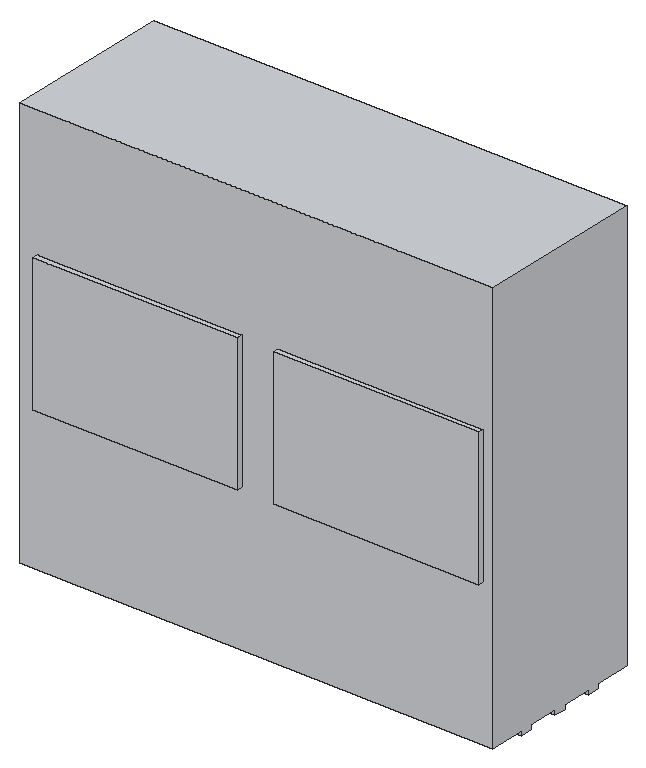
Revit family "M_WSHP - Vertical - 46-70 kW - Retorno frontal - Descarga traseira", category Equipamento mecânico, Revit 2019
Family settings
  Cota do conector redondo = Usar raio
  Tipo de parte = Normal
  Número OmniClass = 23.75.10.21.17
  Título OmniClass = Water-Source Heat Pumps
  ID de item do Seek = WSHP - Vertical - 46-70 kW - Front Return - Rear Discharge-0000-CAN-ENU
  Com base no plano de trabalho = Não
  Sempre na vertical = Sim
  Corte com vazios quando carregada = Não
  Compartilhado = Não
  Ponto de cálculo do ambiente = Não
Parameters (values of type "46 kW")
  Raio do fornecimento de água = 20 mm
  Diâmetro do fornecimento de água = Raio do fornecimento de água * 2  # 40 mm
  Raio do retorno da água = 20 mm
  Diâmetro do retorno da água = Raio do retorno da água * 2  # 40 mm
  Queda de pressão da água [instance] = 64810.7 Pa
  Fluxo da água [instance] = 2.33 L/s
  Voltagem = 460 V
  Largura do ar de fornecimento = 375 mm
  Altura do ar de fornecimento = 400 mm
  Largura do ar de retorno = 900 mm
  Altura do ar de retorno = 600 mm
  Largura da bomba = 736.6 mm
  Material da bomba = none
  Comprimento da bomba = 2082.8 mm
  Altura da bomba = 1816.1 mm
  Número de pólos = 3
  Classificação de carga = Refrigeração
  Fluxo da drenagem [instance] = 0.0 L/s
  Distância 1 = 350.5 mm
  Raio da condensação = 15 mm
  Diâmetro da condensação = Raio da condensação * 2  # 30 mm
  C8 Deslocamento 2 = 53.4 mm
  C8 Deslocamento 1 = 25.4 mm
  C6 Deslocamento 2 = 574.1 mm
  C6 Deslocamento 1 = 78.8 mm
  C4 Deslocamento 1 = 492.7 mm
  C3 Deslocamento 1 = 368.3 mm
  C2 Deslocamento 1 = 101.6 mm
  C1 Deslocamento 2 = 520.7 mm
  C1 Deslocamento 1 = 187.9 mm
  Carga aparente = 11132 VA
  Pressão estática externa [instance] = 248.84 Pa
  Fluxo de ar 1 [instance] = Fluxo de ar / 2  # 1227.07 L/s
  Fluxo de ar [instance] = 2454.13 L/s
Types (4, lengths in mm): name | Queda de pressão da água | Fluxo da água | Largura do ar de fornecimento | Distância 1 | C4 Deslocamento 1 | Carga aparente | Pressão estática externa | Fluxo de ar 1 | Fluxo de ar
  (no name) | 64810.7 Pa | 2.33 L/s | 375 | 350.5 | 492.7 | 11132 VA | 248.84 Pa | 1227.07 L/s | 2454.13 L/s
  46 kW | 64810.7 Pa | 2.33 L/s | 375 | 350.5 | 492.7 | 11132 VA | 248.84 Pa | 1227.07 L/s | 2454.13 L/s
  60 kW | 76531.8 Pa | 3.03 L/s | 475 | 566.4 | 147.3 | 17296 VA | 373.26 Pa | 1651.82 L/s | 3303.63 L/s
  70 kW | 100663.4 Pa | 3.79 L/s | 475 | 566.4 | 147.3 | 18768 VA | 373.26 Pa | 1982.18 L/s | 3964.36 L/s
Reference planes
  plane 1 "Centro (Frente/Trás)": y = 0
  plane 2: z = 0
  plane 3 "Centro (Esquerda/Direita)": x = 0
  plane 4: x = 2082.8
  plane 5: y = 736.6
  plane 6: z = 1835.15
  plane 7: z = 19.05
  plane 8: y = 368.3
  plane 9: y = 393.7
  plane 10: y = 342.9
  plane 11: y = 552.45
  plane 12: y = 184.15
  plane 13: y = 577.85
  plane 14: y = 527.05
  plane 15: y = 209.55
  plane 16: y = 158.75
  plane 17: z = 539.75
  plane 18: y = 101.6
  plane 19: y = 187.9
  plane 20: y = 368.3
  plane 21: x = -25.4
  plane 22: z = 53.4
  plane 23: x = 2057.4
  plane 24: y = -25.4
  plane 25: x = 78.8
  plane 26: z = 1261.05
  plane 27: x = 978.8
  plane 28: x = 1138.82
  plane 29: x = 2038.82
  plane 30: z = 661.05
  plane 31: x = 1593.2
  plane 32: x = 1218.2
  plane 33: x = 867.7
  plane 34: x = 492.7
  plane 35: z = 1790.7
  plane 36: z = 1390.7
  plane 37: y = 762
  plane 38: y = 25.4
Forms (mm)
  Extrusion 1, solid, material <- "Material da bomba"
    sketch origin (0, 0, 0) x (1, 0, 0) y (0, 1, 0)
      loop
        line (0, 736.6) -> (0, 0) -> (2082.8, 0) -> (2082.8, 736.6) -> (0, 736.6)
    from 19.05 to 1835.15
  Extrusion 2, solid, material <- "Material da bomba"
    sketch origin (0, 0, 0) x (0, 1, 0) y (0, 0, 1)
      loop
        line (393.7, 19.05) -> (342.9, 19.05) -> (342.9, 0) -> (393.7, 0) -> (393.7, 19.05)
    from 0 to 2082.8
  Extrusion 3, solid, material <- "Material da bomba"
    sketch origin (0, 0, 0) x (0, 1, 0) y (0, 0, 1)
      loop
        line (577.85, 19.05) -> (527.05, 19.05) -> (527.05, 0) -> (577.85, 0) -> (577.85, 19.05)
    from 0 to 2082.8
  Extrusion 4, solid, material <- "Material da bomba"
    sketch origin (0, 0, 0) x (0, 1, 0) y (0, 0, 1)
      loop
        line (209.55, 19.05) -> (158.75, 19.05) -> (158.75, 0) -> (209.55, 0) -> (209.55, 19.05)
    from 0 to 2082.8
  Extrusion 5, solid, material <- "Material da bomba"
    sketch origin (0, 0, 0) x (0, 1, 0) y (0, 0, 1)
      loop
        circle (101.6, 539.75) r 20
    from 0 to -25.4
  Extrusion 6, solid, material <- "Material da bomba"
    sketch origin (0, 0, 0) x (0, 1, 0) y (0, 0, 1)
      loop
        circle (187.9, 539.75) r 20
    from 0 to -25.4
  Extrusion 7, solid, material <- "Material da bomba"
    sketch origin (0, 0, 0) x (0, 1, 0) y (0, 0, 1)
      loop
        circle (368.3, 539.75) r 15
    from 0 to -25.4
  Extrusion 8, solid, material <- "Material da bomba"
    sketch origin (0, 0, 0) x (1, 0, 0) y (0, 0, 1)
      loop
        circle (2057.4, 53.4) r 12.7
    from -25.4 to 0
  Extrusion 9, solid, material <- "Material da bomba"
    sketch origin (0, 0, 0) x (1, 0, 0) y (0, 0, 1)
      loop
        line (78.8, 1261.05) -> (78.8, 661.05) -> (978.8, 661.05) -> (978.8, 1261.05) -> (78.8, 1261.05)
      loop
        line (1138.82, 1261.05) -> (1138.82, 661.05) -> (2038.82, 661.05) -> (2038.82, 1261.05) -> (1138.82, 1261.05)
    from 0 to 25.4
  Extrusion 10, solid, material <- "Material da bomba"
    sketch origin (0, 0, 0) x (1, 0, 0) y (0, 0, 1)
      loop
        line (492.7, 1790.7) -> (492.7, 1390.7) -> (867.7, 1390.7) -> (867.7, 1790.7) -> (492.7, 1790.7)
    from -736.6 to -762
  Extrusion 11, solid, material <- "Material da bomba"
    sketch origin (0, 0, 0) x (1, 0, 0) y (0, 0, 1)
      loop
        line (1218.2, 1790.7) -> (1218.2, 1390.7) -> (1593.2, 1390.7) -> (1593.2, 1790.7) -> (1218.2, 1790.7)
    from -736.6 to -762
Cuts and joins
  joined: Extrusion 1, Extrusion 2, Extrusion 3, Extrusion 4, Extrusion 5, Extrusion 6, Extrusion 7, Extrusion 8, Extrusion 9, Extrusion 10, Extrusion 11
Dimensions and locks
  "Comprimento da bomba": plane 3 "Centro (Esquerda/Direita)" to plane 4
  "Largura da bomba": plane 5 to plane 1 "Centro (Frente/Trás)"
  locked: plane 7 to plane 2 at 19.05
  "Altura da bomba": plane 6 to plane 7
  equal spacing: plane 5, plane 8, plane 1 "Centro (Frente/Trás)"
  plane 9 to plane 8 to plane 10 = 25.4 mm locked, 25.4 mm locked
  equal spacing: plane 5, plane 11, plane 8
  equal spacing: plane 8, plane 12, plane 1 "Centro (Frente/Trás)"
  plane 13 to plane 11 to plane 14 = 25.4 mm locked, 25.4 mm locked
  plane 15 to plane 12 to plane 16 = 25.4 mm locked, 25.4 mm locked
  plane 17 to plane 7 = 520.7 mm
  "C2 Deslocamento 1": plane 18 to plane 1 "Centro (Frente/Trás)"
  "C1 Deslocamento 1": plane 19 to plane 1 "Centro (Frente/Trás)"
  "C3 Deslocamento 1": plane 20 to plane 1 "Centro (Frente/Trás)"
  plane 21 to plane 3 "Centro (Esquerda/Direita)" = 25.4 mm
  "C8 Deslocamento 2": plane 22 to plane 2
  "C8 Deslocamento 1": plane 4 to plane 23
  locked: plane 24 to plane 1 "Centro (Frente/Trás)" at 25.4
  locked: plane 27 to plane 28 at 160.02
  "C6 Deslocamento 1": plane 25 to plane 3 "Centro (Esquerda/Direita)"
  "Largura do ar de retorno": plane 25 to plane 27
  "Largura do ar de retorno": plane 28 to plane 29
  "C6 Deslocamento 2": plane 6 to plane 26
  "Altura do ar de retorno": plane 26 to plane 30
  "C4 Deslocamento 1": plane 3 "Centro (Esquerda/Direita)" to plane 34
  "Largura do ar de fornecimento": plane 34 to plane 33
  "Distância 1": plane 33 to plane 32
  "Largura do ar de fornecimento": plane 32 to plane 31
  locked: plane 6 to plane 35 at 44.45
  "Altura do ar de fornecimento": plane 35 to plane 36
  locked: plane 37 to plane 5 at 25.4
  locked: plane 38 to plane 1 "Centro (Frente/Trás)" at 25.4
  "Raio do retorno da água": radius of Extrusion 5 sketch curve
  "Raio do fornecimento de água": radius of Extrusion 6 sketch curve
  "Raio da condensação": radius of Extrusion 7 sketch curve
  radius of Extrusion 8 sketch curve = 12.7 mm
  aligned and locked: Extrusion 1 to plane 3 "Centro (Esquerda/Direita)"
  aligned and locked: Extrusion 1 to plane 5
  aligned and locked: plane 4 to Extrusion 1
  aligned and locked: plane 1 "Centro (Frente/Trás)" to Extrusion 1
  aligned and locked: Extrusion 1 to plane 6
  aligned and locked: Extrusion 1 to plane 7
  aligned and locked: Extrusion 2 to plane 9
  aligned and locked: plane 10 to Extrusion 2
  aligned and locked: plane 7 to Extrusion 2
  aligned and locked: Extrusion 2 to plane 2
  aligned and locked: Extrusion 3 to plane 13
  aligned and locked: plane 14 to Extrusion 3
  aligned and locked: plane 7 to Extrusion 3
  aligned and locked: Extrusion 3 to plane 2
  aligned and locked: Extrusion 4 to plane 15
  aligned and locked: plane 16 to Extrusion 4
  aligned and locked: plane 7 to Extrusion 4
  aligned and locked: Extrusion 4 to plane 2
  aligned and locked: Extrusion 3 to plane 3 "Centro (Esquerda/Direita)"
  aligned and locked: Extrusion 2 to plane 3 "Centro (Esquerda/Direita)"
  aligned and locked: Extrusion 4 to plane 3 "Centro (Esquerda/Direita)"
  aligned and locked: plane 4 to Extrusion 3
  aligned and locked: plane 4 to Extrusion 2
  aligned and locked: plane 4 to Extrusion 4
  aligned and locked: plane 17 to Extrusion 5 sketch curve
  aligned and locked: plane 17 to Extrusion 6 sketch curve
  aligned and locked: plane 17 to Extrusion 7 sketch curve
  aligned and locked: plane 18 to Extrusion 5 sketch curve
  aligned and locked: plane 19 to Extrusion 6 sketch curve
  aligned and locked: plane 20 to Extrusion 7 sketch curve
  aligned and locked: Extrusion 7 to plane 3 "Centro (Esquerda/Direita)"  (x2)
  aligned and locked: Extrusion 7 to plane 21
  aligned and locked: Extrusion 6 to plane 21
  aligned and locked: Extrusion 5 to plane 21
  aligned and locked: plane 3 "Centro (Esquerda/Direita)" to Extrusion 6
  aligned and locked: plane 3 "Centro (Esquerda/Direita)" to Extrusion 5
  aligned and locked: Extrusion 8 sketch curve to plane 22
  aligned and locked: plane 23 to Extrusion 8 sketch curve
  aligned and locked: Extrusion 9 to plane 25
  aligned and locked: Extrusion 9 to plane 27
  aligned and locked: plane 28 to Extrusion 9
  aligned and locked: plane 29 to Extrusion 9
  aligned and locked: Extrusion 9 to plane 26  (x2)
  aligned and locked: plane 30 to Extrusion 9  (x2)
  aligned and locked: Extrusion 9 to plane 24
  aligned and locked: plane 32 to Extrusion 11
  aligned and locked: Extrusion 11 to plane 31
  aligned and locked: Extrusion 10 to plane 33
  aligned and locked: plane 34 to Extrusion 10
  aligned and locked: plane 35 to Extrusion 11
  aligned and locked: plane 35 to Extrusion 10
  aligned and locked: Extrusion 11 to plane 36
  aligned and locked: Extrusion 10 to plane 36
  aligned and locked: plane 37 to Extrusion 10
  aligned and locked: plane 37 to Extrusion 11
  aligned and locked: Extrusion 10 to plane 5
  aligned and locked: Extrusion 11 to plane 5
  aligned and locked: plane 38 to Extrusion 8
  aligned and locked: plane 1 "Centro (Frente/Trás)" to Extrusion 8
Automatic sketch dimensions
  plane 3 "Centro (Esquerda/Direita)" to Extrusion 1 sketch curve = 0 mm
  Extrusion 1 sketch curve to plane 1 "Centro (Frente/Trás)" = 0 mm
  plane 4 to Extrusion 1 sketch curve = 0 mm
  plane 5 to Extrusion 1 sketch curve = 0 mm
  plane 8 to Extrusion 2 sketch curve = 25.4 mm
  Extrusion 2 sketch curve to plane 8 = 25.4 mm
  Extrusion 2 sketch curve to level = 0 mm
  plane 7 to Extrusion 2 sketch curve = 0 mm
  plane 11 to Extrusion 3 sketch curve = 25.4 mm
  Extrusion 3 sketch curve to plane 11 = 25.4 mm
  Extrusion 3 sketch curve to level = 0 mm
  plane 7 to Extrusion 3 sketch curve = 0 mm
  plane 12 to Extrusion 4 sketch curve = 25.4 mm
  Extrusion 4 sketch curve to level = 0 mm
  Extrusion 4 sketch curve to plane 12 = 25.4 mm
  plane 7 to Extrusion 4 sketch curve = 0 mm
  plane 17 to Extrusion 9 sketch curve = 121.3 mm  (x2)
  Extrusion 9 sketch curve to plane 6 = 574.1 mm  (x2)
  Extrusion 9 sketch curve to plane 27 = 0 mm
  Extrusion 9 sketch curve to plane 25 = 0 mm
  Extrusion 9 sketch curve to plane 28 = 0 mm
  Extrusion 9 sketch curve to plane 29 = 0 mm
  plane 25 to Extrusion 10 sketch curve = 413.9 mm
  Extrusion 10 sketch curve to plane 26 = 129.65 mm
  plane 27 to Extrusion 10 sketch curve = 111.1 mm
  Extrusion 10 sketch curve to plane 6 = 44.45 mm
  Extrusion 11 sketch curve to plane 26 = 129.65 mm
  Extrusion 11 sketch curve to plane 28 = 79.38 mm
  plane 29 to Extrusion 11 sketch curve = 445.62 mm
  Extrusion 11 sketch curve to plane 6 = 44.45 mm
Connectors
  piping at (-25.4, 187.9, 539.75), diameter 40, driven by "Fluxo da água", driven by "Raio do fornecimento de água"
    settings: on Extrusion 6, index 1, connector inside diameter 40 mm, connector length 0 mm, flow factor 0, pipe flow 2.33 L/s, pressure drop 0.0 Pa, fitting loss kfactor 0, connector angle 0.00°, fixture units 0, engagement length 0 mm, angle of deflection 0.00°, flow configuration 1, flow direction 1, fitting loss method 4, system type 7, joint type 0, gender type 0, connector reference index 2, connector utility 0, adjustable connector no, is connector primary yes, connector description "Entrada do fornecimento de água"
  piping at (-25.4, 101.6, 539.75), diameter 40, driven by "Fluxo da água", driven by "Raio do retorno da água", driven by "Queda de pressão da água"
    settings: on Extrusion 5, index 2, connector inside diameter 40 mm, connector length 0 mm, flow factor 0, pipe flow 2.33 L/s, pressure drop 64810.7 Pa, fitting loss kfactor 0, connector angle 0.00°, fixture units 0, engagement length 0 mm, angle of deflection 0.00°, flow configuration 1, flow direction 2, fitting loss method 4, system type 8, joint type 0, gender type 0, connector reference index 1, connector utility 0, adjustable connector no, is connector primary no, connector description "Saída do retorno da água"
  piping at (-25.4, 368.3, 539.75), diameter 30, driven by "Raio da condensação", driven by "Fluxo da drenagem"
    settings: on Extrusion 7, index 3, connector inside diameter 30 mm, connector length 0 mm, flow factor 0, pipe flow 0.0 L/s, pressure drop 0.0 Pa, fitting loss kfactor 0, connector angle 0.00°, fixture units 0, engagement length 0 mm, angle of deflection 0.00°, flow configuration 1, flow direction 2, fitting loss method 0, system type 16, joint type 0, gender type 0, connector reference index -1, connector utility 0, adjustable connector yes, is connector primary no, connector description "Saída de condensação"
  hvac at (680.2, 762, 1590.7), driven by "Fluxo de ar 1", driven by "Altura do ar de fornecimento", driven by "Largura do ar de fornecimento"
    settings: on Extrusion 10, index 4, duct flow 1227.07 L/s, flow factor 0, pres drop 0.0 Pa, loss coef 0, conn angle 0.00°, conn width 375 mm, conn height 400 mm, conn diameter 609.6 mm, duct sys type 1, conn prof type 1, flow config 0, flow direction 2, loss method 0, conn ref index -1, conn util no, is conn primary yes, conn desc ""
  hvac at (1405.7, 762, 1590.7), driven by "Fluxo de ar 1", driven by "Altura do ar de fornecimento", driven by "Largura do ar de fornecimento"
    settings: on Extrusion 11, index 5, duct flow 1227.07 L/s, flow factor 0, pres drop 0.0 Pa, loss coef 0, conn angle 0.00°, conn width 375 mm, conn height 400 mm, conn diameter 609.6 mm, duct sys type 1, conn prof type 1, flow config 0, flow direction 2, loss method 0, conn ref index -1, conn util no, is conn primary no, conn desc ""
  hvac at (528.8, -25.4, 961.05), driven by "Fluxo de ar 1", driven by "Altura do ar de retorno", driven by "Largura do ar de retorno"
    settings: on Extrusion 9, index 6, duct flow 1227.07 L/s, flow factor 0, pres drop 0.0 Pa, loss coef 0, conn angle 0.00°, conn width 900 mm, conn height 600 mm, conn diameter 609.6 mm, duct sys type 2, conn prof type 1, flow config 0, flow direction 1, loss method 4, conn ref index -1, conn util no, is conn primary no, conn desc ""
  hvac at (1588.82, -25.4, 961.05), driven by "Fluxo de ar 1", driven by "Altura do ar de retorno", driven by "Largura do ar de retorno"
    settings: on Extrusion 9, index 7, duct flow 1227.07 L/s, flow factor 0, pres drop 0.0 Pa, loss coef 0, conn angle 0.00°, conn width 900 mm, conn height 600 mm, conn diameter 609.6 mm, duct sys type 2, conn prof type 1, flow config 0, flow direction 1, loss method 4, conn ref index -1, conn util no, is conn primary no, conn desc ""
  electrical at (2057.4, 0, 53.4), driven by "Carga aparente", driven by "Voltagem", driven by "Número de pólos", driven by "Classificação de carga"
    settings: on Extrusion 8, index 8, voltage 460 V, apparent load 11132 VA, apparent load phase1 0 VA, apparent load phase2 0 VA, apparent load phase3 0 VA, power factor 0.8, load classification "Refrigeração", number of poles 3, system type 30, power factor state 1, is connector primary yes, connector utility no, sub classification motor no, connector description ""
